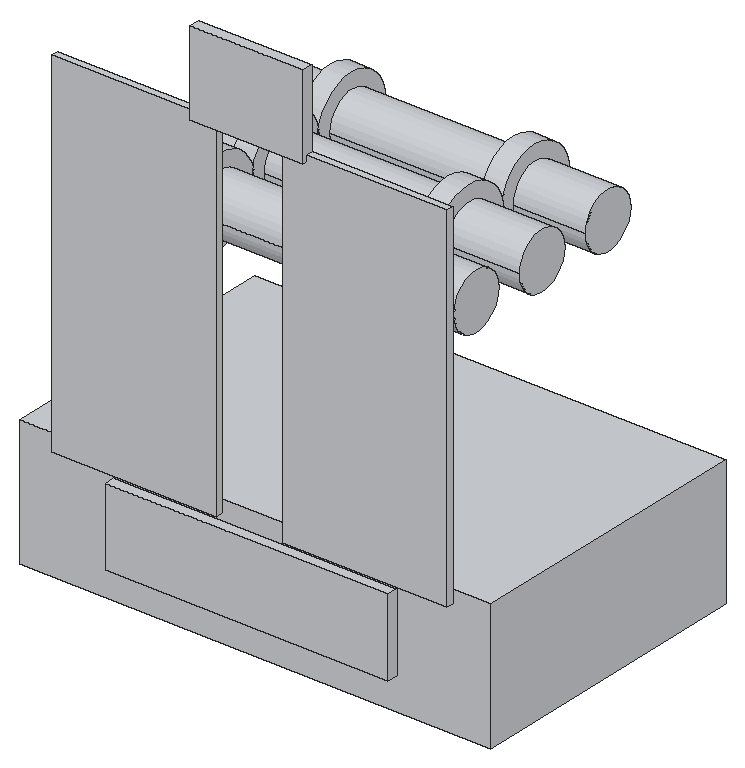
Revit family "GIS_CircuitBreaker", category Equipamento elétrico, Revit 2027
Family settings
  Configuração do painel = Duas colunas, circuitos transversais
  Cota do conector redondo = Utilizar diâmetro
  Tipo de parte = Painel de controle
  Com base no plano de trabalho = Não
  Sempre na vertical = Sim
  Corte com vazios quando carregada = Não
  Manter orientação da anotação = Não
  Compartilhado = Não
  Ponto de cálculo do ambiente = Não
Parameters (values of type "GIS_CB_145KV_STUDY")
  Default Elevation = 0 mm
  built-in parameter 1140142 [instance] = (empty or 0)
  built-in parameter 1140140 [instance] = 1 (stored number, unit not read)
  BIM_TensaoSecundaria_kV = 0
  BIM_TensaoNominal_kV = 138
  BIM_TensaoClasse_kV = 145
  BIM_TensaoClasseSecundaria_kV = 0
  BIM_Sistema_Elemento [instance] = ""
  BIM_ReferenciaCatalogo = "GE Vernova 145 kV GIS portfolio reference; dimensions estimated"
  BIM_Profundidade = 1000 mm
  BIM_Potencia_MVA = 0
  BIM_Localizacao [instance] = ""
  BIM_Largura = 1600 mm
  BIM_Impedancia_pu = 0
  BIM_FonteGeometria = "GE Vernova 145 kV GIS portfolio reference; dimensions estimated"
  BIM_Fabricante = "NAO SELECIONADO"
  BIM_EstadoGeometria = "ESTIMATED"
  BIM_EstadoEspecificacao = "PREMISSA / NAO SELECIONADO"
  BIM_DescricaoEstudo = "Disjuntor encapsulado conceitual. Capacidade interruptiva pendente do curto da rede."
  BIM_CorrenteReferenciaSecundaria_A = 0
  BIM_CorrenteNominal_A = 0
  BIM_Bay [instance] = ""
  BIM_AlturaCorpoPrincipal = 440 mm
  BIM_Altura = 2200 mm
  built-in parameter 1155100 [instance] = (empty or 0)
Reference planes
  plane 1 "Centro (Frente/Trás)": y = 0
  plane 2: z = 0
  plane 3 "Centro (Esquerda/Direita)": x = 0
  plane 4 "BIM Left": x = -800
  plane 5 "BIM Right": x = 800
  plane 6 "BIM Front": y = -500
  plane 7 "BIM Back": y = 500
Forms (mm)
  Extrusion 1, solid
    sketch origin (0, 0, 0) x (1, 0, 0) y (0, 1, 0)
      loop
        line (-800, -500) -> (800, -500) -> (800, 500) -> (-800, 500) -> (-800, -500)
    from 0 to 440 <- "BIM_AlturaCorpoPrincipal"
  Extrusion 2, solid
    sketch origin (0, 0, 396) x (1, 0, 0) y (0, 1, 0)
      loop
        line (-672, -524.384) -> (-112, -524.384) -> (-112, -500) -> (-672, -500) -> (-672, -524.384)
    from 0 to 1210
  Extrusion 3, solid
    sketch origin (0, 0, 396) x (1, 0, 0) y (0, 1, 0)
      loop
        line (112, -524.384) -> (672, -524.384) -> (672, -500) -> (112, -500) -> (112, -524.384)
    from 0 to 1210
  Extrusion 4, solid
    sketch origin (0, 0, 110) x (1, 0, 0) y (0, 1, 0)
      loop
        line (-480, -536.576) -> (480, -536.576) -> (480, -500) -> (-480, -500) -> (-480, -536.576)
    from 0 to 264
  Extrusion 5, solid
    sketch origin (0, 0, 1584) x (1, 0, 0) y (0, 1, 0)
      loop
        line (-192, -536.576) -> (192, -536.576) -> (192, -500) -> (-192, -500) -> (-192, -536.576)
    from 0 to 286
  Extrusion 6, solid
    sketch origin (-544, -280, 1188) x (0, 1, 0) y (0, 0, 1)
      loop
        circle (0, 0) r 95
    from 0 to 1120
  Extrusion 7, solid
    sketch origin (-368, -280, 1188) x (0, 1, 0) y (0, 0, 1)
      loop
        circle (0, 0) r 145
      loop
        circle (0, 0) r 95
    from 0 to 72
  Extrusion 8, solid
    sketch origin (256, -280, 1188) x (0, 1, 0) y (0, 0, 1)
      loop
        circle (0, 0) r 145
      loop
        circle (0, 0) r 95
    from 0 to 72
  Extrusion 9, solid
    sketch origin (-544, 0, 1188) x (0, 1, 0) y (0, 0, 1)
      loop
        circle (0, 0) r 95
    from 0 to 1120
  Extrusion 10, solid
    sketch origin (-368, 0, 1188) x (0, 1, 0) y (0, 0, 1)
      loop
        circle (0, 0) r 145
      loop
        circle (0, 0) r 95
    from 0 to 72
  Extrusion 11, solid
    sketch origin (256, 0, 1188) x (0, 1, 0) y (0, 0, 1)
      loop
        circle (0, 0) r 145
      loop
        circle (0, 0) r 95
    from 0 to 72
  Extrusion 12, solid
    sketch origin (-544, 280, 1188) x (0, 1, 0) y (0, 0, 1)
      loop
        circle (0, 0) r 95
    from 0 to 1120
  Extrusion 13, solid
    sketch origin (-368, 280, 1188) x (0, 1, 0) y (0, 0, 1)
      loop
        circle (0, 0) r 145
      loop
        circle (0, 0) r 95
    from 0 to 72
  Extrusion 14, solid
    sketch origin (256, 280, 1188) x (0, 1, 0) y (0, 0, 1)
      loop
        circle (0, 0) r 145
      loop
        circle (0, 0) r 95
    from 0 to 72
Dimensions and locks
  "BIM_Largura": plane 4 "BIM Left" to plane 5 "BIM Right"
  "BIM_Profundidade": plane 6 "BIM Front" to plane 7 "BIM Back"
  aligned and locked: level to plane 2
  aligned and locked: plane 4 "BIM Left" to Extrusion 1
  aligned and locked: Extrusion 1 to plane 5 "BIM Right"
  aligned and locked: Extrusion 1 to plane 6 "BIM Front"
  aligned and locked: plane 7 "BIM Back" to Extrusion 1
Automatic sketch dimensions
  Extrusion 1 sketch curve to plane 4 "BIM Left" = 0 mm
  Extrusion 1 sketch curve to plane 5 "BIM Right" = 0 mm
  Extrusion 1 sketch curve to plane 6 "BIM Front" = 0 mm
  Extrusion 1 sketch curve to plane 7 "BIM Back" = 0 mm
  Extrusion 2 sketch curve to plane 6 "BIM Front" = 0 mm
  Extrusion 2 sketch curve to plane 6 "BIM Front" = 24.384 mm
  Extrusion 2 sketch curve to plane 4 "BIM Left" = 128 mm
  Extrusion 2 sketch curve to plane 3 "Centro (Esquerda/Direita)" = 112 mm
  Extrusion 3 sketch curve to plane 6 "BIM Front" = 0 mm
  Extrusion 3 sketch curve to plane 6 "BIM Front" = 24.384 mm
  plane 3 "Centro (Esquerda/Direita)" to Extrusion 3 sketch curve = 112 mm
  plane 5 "BIM Right" to Extrusion 3 sketch curve = 128 mm
  Extrusion 4 sketch curve to plane 6 "BIM Front" = 0 mm
  Extrusion 4 sketch curve to plane 6 "BIM Front" = 36.576 mm
  Extrusion 4 sketch curve to plane 4 "BIM Left" = 320 mm
  plane 5 "BIM Right" to Extrusion 4 sketch curve = 320 mm
  Extrusion 5 sketch curve to plane 6 "BIM Front" = 0 mm
  Extrusion 5 sketch curve to plane 6 "BIM Front" = 36.576 mm
  Extrusion 5 sketch curve to plane 3 "Centro (Esquerda/Direita)" = 192 mm
  plane 3 "Centro (Esquerda/Direita)" to Extrusion 5 sketch curve = 192 mm
  Extrusion 6 sketch curve to Extrusion 6 sketch curve = 0 mm  (x2)
  plane 6 "BIM Front" to Extrusion 6 sketch curve = 220 mm
  level to Extrusion 6 sketch curve = 1188 mm
  Extrusion 6 sketch curve to Extrusion 6 sketch curve = 95 mm
  Extrusion 7 sketch curve to Extrusion 7 sketch curve = 0 mm  (x12)
  plane 6 "BIM Front" to Extrusion 7 sketch curve = 220 mm
  level to Extrusion 7 sketch curve = 1188 mm
  Extrusion 7 sketch curve to Extrusion 7 sketch curve = 95 mm
  Extrusion 7 sketch curve to Extrusion 7 sketch curve = 50 mm
  Extrusion 8 sketch curve to Extrusion 8 sketch curve = 0 mm  (x12)
  plane 6 "BIM Front" to Extrusion 8 sketch curve = 220 mm
  level to Extrusion 8 sketch curve = 1188 mm
  Extrusion 8 sketch curve to Extrusion 8 sketch curve = 95 mm
  Extrusion 8 sketch curve to Extrusion 8 sketch curve = 50 mm
  Extrusion 9 sketch curve to Extrusion 9 sketch curve = 0 mm  (x2)
  Extrusion 9 sketch curve to plane 1 "Centro (Frente/Trás)" = 0 mm
  level to Extrusion 9 sketch curve = 1188 mm
  Extrusion 9 sketch curve to Extrusion 9 sketch curve = 95 mm
  Extrusion 10 sketch curve to Extrusion 10 sketch curve = 0 mm  (x12)
  Extrusion 10 sketch curve to plane 1 "Centro (Frente/Trás)" = 0 mm
  level to Extrusion 10 sketch curve = 1188 mm
  Extrusion 10 sketch curve to Extrusion 10 sketch curve = 95 mm
  Extrusion 10 sketch curve to Extrusion 10 sketch curve = 50 mm
  Extrusion 11 sketch curve to Extrusion 11 sketch curve = 0 mm  (x12)
  Extrusion 11 sketch curve to plane 1 "Centro (Frente/Trás)" = 0 mm
  level to Extrusion 11 sketch curve = 1188 mm
  Extrusion 11 sketch curve to Extrusion 11 sketch curve = 95 mm
  Extrusion 11 sketch curve to Extrusion 11 sketch curve = 50 mm
  Extrusion 12 sketch curve to Extrusion 12 sketch curve = 0 mm  (x2)
  Extrusion 12 sketch curve to plane 7 "BIM Back" = 220 mm
  level to Extrusion 12 sketch curve = 1188 mm
  Extrusion 12 sketch curve to Extrusion 12 sketch curve = 95 mm
  Extrusion 13 sketch curve to Extrusion 13 sketch curve = 0 mm  (x12)
  Extrusion 13 sketch curve to plane 7 "BIM Back" = 220 mm
  level to Extrusion 13 sketch curve = 1188 mm
  Extrusion 13 sketch curve to Extrusion 13 sketch curve = 95 mm
  Extrusion 13 sketch curve to Extrusion 13 sketch curve = 50 mm
  Extrusion 14 sketch curve to Extrusion 14 sketch curve = 0 mm  (x12)
  Extrusion 14 sketch curve to plane 7 "BIM Back" = 220 mm
  level to Extrusion 14 sketch curve = 1188 mm
  Extrusion 14 sketch curve to Extrusion 14 sketch curve = 95 mm
  Extrusion 14 sketch curve to Extrusion 14 sketch curve = 50 mm
Connectors
  electrical at (-800, 0, 220)
    settings: on Extrusion 1, index 1, voltage 138000 V, apparent load 0 VA, apparent load phase1 0 VA, apparent load phase2 0 VA, apparent load phase3 0 VA, power factor 1, load classification "Outro", number of poles 3, system type 6, power factor state 1, is connector primary yes, connector utility no, sub classification motor no, connector description "Interface A; study port; circuit assignment is project-specific."
  electrical at (800, 0, 220)
    settings: on Extrusion 1, index 2, voltage 138000 V, apparent load 0 VA, apparent load phase1 0 VA, apparent load phase2 0 VA, apparent load phase3 0 VA, power factor 1, load classification "Outro", number of poles 3, system type 6, power factor state 1, is connector primary no, connector utility no, sub classification motor no, connector description "Interface B; study port; circuit assignment is project-specific."
